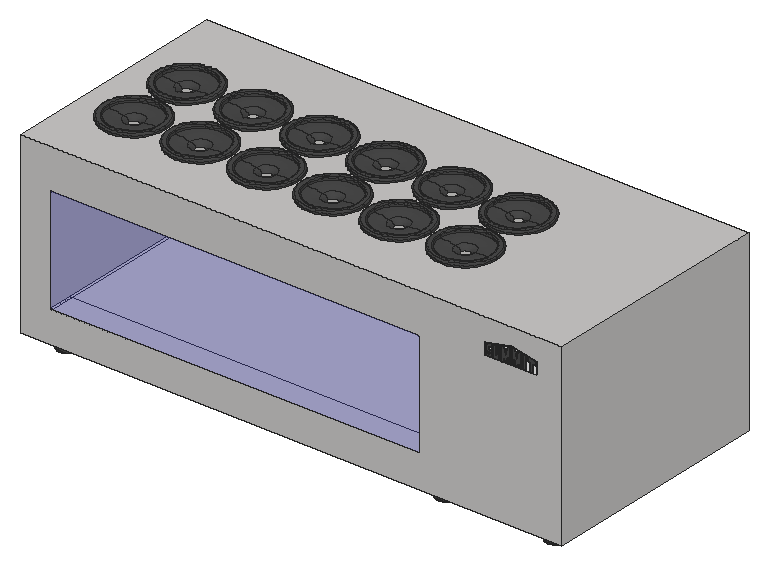
Revit family "Qf_Summit_STC12_12 Bottle Wine Cooler", category Specialty Equipment, Revit 2020
Family settings
  Round Connector Dimension = Use Diameter
  Part Type = Normal
  Work Plane-Based = No
  Always vertical = Yes
  Cut with Voids When Loaded = No
  Shared = No
  Room Calculation Point = No
Parameters
  Weight in Pounds = 73
  Watts = 0 W
  Volts = 115 V
  URL Cutsheet = ""
  Specification by User = ""
  Specification by Manufacturer = ""
  Show Clearance [instance] = yes
  Serial Number = ""
  Seismic Rating = ""
  SMACNA No = ""
  Revision Code = ""
  Refrigerant Volume = 0.00 kip
  Refrigerant Type = "R600a"
  Phase = 1
  Number of Poles = 1
  NAFEM Spec ID Number = ""
  Model = "STC12"
  Min Ckt Ampacity = 0 A
  Max Overcurrent Protection = 0 A
  Masterspec = ""
  Manufacturer = "Summit"
  Length = 35 3/4"
  Item Number = ""
  Installed By = ""
  Identify Quantity as Lot = yes
  Height = 12 1/2"
  HP = ""
  Furnished By = ""
  Foodservice Equipment Identifier = yes
  FL Amps = 1.25 A
  Electrical Remarks = ""
  Electric Connection Type = ""
  Elec Conn RI Height = 0"
  Elec Conn Connection Height = 0"
  Direct Waste Size = 1/16"
  Description = "12 Bottle Wine Cooler"
  Depth = 15 3/8"
  Default Elevation = 0"
  Cycle = 60 Hz
  Conn Plug = ""
  Conn Conduit = yes
  CSI MasterFormat = ""
  Apparent Power = if(Phase = 3, Volts * FL Amps * 1.73, Volts * FL Amps)  # 143.75 VA
Reference planes (in)
  plane 1: z = 0
  plane 2 "LEFT": x = 0
  plane 3 "RIGHT": x = 35.75
  plane 4 "FRONT": y = -16.125
  plane 5 "TOP": z = 12.5
  plane 6 "Center Y": x = 17.875
  plane 7 "Center X": y = -8.4375
  plane 8 "BACK": y = -0.75
  plane 9: z = 0.75
  plane 10: y = -9.0625
  plane 11: y = -9.4375
  plane 12: z = 12.6875
  plane 13: y = -9.0625
  plane 14: y = -9.4375
  plane 15: z = 12.6875
  plane 16: y = -9.0625
  plane 17: y = -9.4375
  plane 18: z = 12.6875
  plane 19: y = -9.0625
  plane 20: y = -9.4375
  plane 21: z = 12.6875
  plane 22: y = -9.0625
  plane 23: y = -9.4375
  plane 24: z = 12.6875
  plane 25: y = -9.0625
  plane 26: y = -9.4375
  plane 27: z = 12.6875
  plane 28: y = -4.6875
  plane 29: y = -5.0625
  plane 30: z = 12.6875
  plane 31: y = -4.6875
  plane 32: y = -5.0625
  plane 33: z = 12.6875
  plane 34: y = -4.6875
  plane 35: y = -5.0625
  plane 36: z = 12.6875
  plane 37: y = -4.6875
  plane 38: y = -5.0625
  plane 39: z = 12.6875
  plane 40: y = -4.6875
  plane 41: y = -5.0625
  plane 42: z = 12.6875
  plane 43: y = -4.6875
  plane 44: y = -5.0625
  plane 45: z = 12.6875
  plane 46: x = 28.75
  plane 47: x = 14
  plane 48: y = -9.0625
  plane 49: y = -9.4375
  plane 50: z = 12.6875
  plane 51: y = -4.6875
  plane 52: y = -5.0625
  plane 53: z = 12.6875
  plane 54: y = -9.0625
  plane 55: y = -9.4375
  plane 56: z = 12.6875
  plane 57: y = -4.6875
  plane 58: y = -5.0625
  plane 59: z = 12.6875
  plane 60: y = -9.0625
  plane 61: y = -9.4375
  plane 62: z = 12.6875
  plane 63: y = -4.6875
  plane 64: y = -5.0625
  plane 65: z = 12.6875
  plane 66: y = -9.0625
  plane 67: y = -9.4375
  plane 68: z = 12.6875
  plane 69: y = -4.6875
  plane 70: y = -5.0625
  plane 71: z = 12.6875
  plane 72: y = -9.0625
  plane 73: y = -9.4375
  plane 74: z = 12.6875
  plane 75: y = -4.6875
  plane 76: y = -5.0625
  plane 77: z = 12.6875
  plane 78: y = -9.0625
  plane 79: y = -9.4375
  plane 80: z = 12.6875
  plane 81: y = -4.6875
  plane 82: y = -5.0625
  plane 83: z = 12.6875
Forms (in)
  Extrusion 1, solid, material "QF_Metal_Stainless_Polished"
    sketch origin (0, 0, 0) x (1, 0, 0) y (0, 1, 0)
      loop
        line (0, -0.75) -> (0, -16.125) -> (35.75, -16.125) -> (35.75, -0.75) -> (0, -0.75)
    from 0.75 to 12.5
  Extrusion 2, void
    sketch origin (0, -0.75, 0) x (1, 0, 0) y (0, 0, 1)
      loop
        arc (2.1, 9.875) -> (2.02929, 9.84571) -> (2, 9.775) r 0.1
        line (2, 9.775) -> (2, 2.975)
        arc (2, 2.975) -> (2.02929, 2.90429) -> (2.1, 2.875) r 0.1
        line (2.1, 2.875) -> (26.2746, 2.875)
        arc (26.2746, 2.875) -> (26.34531, 2.90429) -> (26.3746, 2.975) r 0.1
        line (26.3746, 2.975) -> (26.3746, 9.775)
        arc (26.3746, 9.775) -> (26.34531, 9.84571) -> (26.2746, 9.875) r 0.1
        line (26.2746, 9.875) -> (2.1, 9.875)
    from 1.5567 to 16.02292
  Sweep 3, solid, material "QF_Plastic - Black - Matte"
    path origin (0, 0, 0) x (1, 0, 0) y (0, 1, 0)
      loop
        circle (3.5, -11.125) r 2.0625
    profile origin (3.5, -9.0625, 0) x (0, -1, 0) y (0, 0, 1)
      loop
        line (0.32817, 12.6875) -> (0.07985, 12.6875)
        arc (0.07985, 12.6875) -> (0.02339, 12.66411) -> (0, 12.60765) r 0.07985
        line (0, 12.60765) -> (0, 12.5) -> (0.375, 12.5) -> (0.375, 12.64067)
        arc (0.375, 12.64067) -> (0.36128, 12.67378) -> (0.32817, 12.6875) r 0.04683
  Sweep 4, solid, material "QF_Plastic - Black - Matte"
    path origin (4.375, 0, 0) x (1, 0, 0) y (0, 1, 0)
      loop
        circle (3.5, -11.125) r 2.0625
    profile origin (7.875, -9.0625, 0) x (0, -1, 0) y (0, 0, 1)
      loop
        line (0.32817, 12.6875) -> (0.07985, 12.6875)
        arc (0.07985, 12.6875) -> (0.02339, 12.66411) -> (0, 12.60765) r 0.07985
        line (0, 12.60765) -> (0, 12.5) -> (0.375, 12.5) -> (0.375, 12.64067)
        arc (0.375, 12.64067) -> (0.36128, 12.67378) -> (0.32817, 12.6875) r 0.04683
  Sweep 5, solid, material "QF_Plastic - Black - Matte"
    path origin (8.75, 0, 0) x (1, 0, 0) y (0, 1, 0)
      loop
        circle (3.5, -11.125) r 2.0625
    profile origin (12.25, -9.0625, 0) x (0, -1, 0) y (0, 0, 1)
      loop
        line (0.32817, 12.6875) -> (0.07985, 12.6875)
        arc (0.07985, 12.6875) -> (0.02339, 12.66411) -> (0, 12.60765) r 0.07985
        line (0, 12.60765) -> (0, 12.5) -> (0.375, 12.5) -> (0.375, 12.64067)
        arc (0.375, 12.64067) -> (0.36128, 12.67378) -> (0.32817, 12.6875) r 0.04683
  Sweep 6, solid, material "QF_Plastic - Black - Matte"
    path origin (13.125, 0, 0) x (1, 0, 0) y (0, 1, 0)
      loop
        circle (3.5, -11.125) r 2.0625
    profile origin (16.625, -9.0625, 0) x (0, -1, 0) y (0, 0, 1)
      loop
        line (0.32817, 12.6875) -> (0.07985, 12.6875)
        arc (0.07985, 12.6875) -> (0.02339, 12.66411) -> (0, 12.60765) r 0.07985
        line (0, 12.60765) -> (0, 12.5) -> (0.375, 12.5) -> (0.375, 12.64067)
        arc (0.375, 12.64067) -> (0.36128, 12.67378) -> (0.32817, 12.6875) r 0.04683
  Sweep 7, solid, material "QF_Plastic - Black - Matte"
    path origin (17.5, 0, 0) x (1, 0, 0) y (0, 1, 0)
      loop
        circle (3.5, -11.125) r 2.0625
    profile origin (21, -9.0625, 0) x (0, -1, 0) y (0, 0, 1)
      loop
        line (0.32817, 12.6875) -> (0.07985, 12.6875)
        arc (0.07985, 12.6875) -> (0.02339, 12.66411) -> (0, 12.60765) r 0.07985
        line (0, 12.60765) -> (0, 12.5) -> (0.375, 12.5) -> (0.375, 12.64067)
        arc (0.375, 12.64067) -> (0.36128, 12.67378) -> (0.32817, 12.6875) r 0.04683
  Sweep 8, solid, material "QF_Plastic - Black - Matte"
    path origin (21.875, 0, 0) x (1, 0, 0) y (0, 1, 0)
      loop
        circle (3.5, -11.125) r 2.0625
    profile origin (25.375, -9.0625, 0) x (0, -1, 0) y (0, 0, 1)
      loop
        line (0.32817, 12.6875) -> (0.07985, 12.6875)
        arc (0.07985, 12.6875) -> (0.02339, 12.66411) -> (0, 12.60765) r 0.07985
        line (0, 12.60765) -> (0, 12.5) -> (0.375, 12.5) -> (0.375, 12.64067)
        arc (0.375, 12.64067) -> (0.36128, 12.67378) -> (0.32817, 12.6875) r 0.04683
  Sweep 9, solid, material "QF_Plastic - Black - Matte"
    path origin (0, 4.375, 0) x (1, 0, 0) y (0, 1, 0)
      loop
        circle (3.5, -11.125) r 2.0625
    profile origin (3.5, -4.6875, 0) x (0, -1, 0) y (0, 0, 1)
      loop
        line (0.32817, 12.6875) -> (0.07985, 12.6875)
        arc (0.07985, 12.6875) -> (0.02339, 12.66411) -> (0, 12.60765) r 0.07985
        line (0, 12.60765) -> (0, 12.5) -> (0.375, 12.5) -> (0.375, 12.64067)
        arc (0.375, 12.64067) -> (0.36128, 12.67378) -> (0.32817, 12.6875) r 0.04683
  Sweep 10, solid, material "QF_Plastic - Black - Matte"
    path origin (4.375, 4.375, 0) x (1, 0, 0) y (0, 1, 0)
      loop
        circle (3.5, -11.125) r 2.0625
    profile origin (7.875, -4.6875, 0) x (0, -1, 0) y (0, 0, 1)
      loop
        line (0.32817, 12.6875) -> (0.07985, 12.6875)
        arc (0.07985, 12.6875) -> (0.02339, 12.66411) -> (0, 12.60765) r 0.07985
        line (0, 12.60765) -> (0, 12.5) -> (0.375, 12.5) -> (0.375, 12.64067)
        arc (0.375, 12.64067) -> (0.36128, 12.67378) -> (0.32817, 12.6875) r 0.04683
  Sweep 11, solid, material "QF_Plastic - Black - Matte"
    path origin (8.75, 4.375, 0) x (1, 0, 0) y (0, 1, 0)
      loop
        circle (3.5, -11.125) r 2.0625
    profile origin (12.25, -4.6875, 0) x (0, -1, 0) y (0, 0, 1)
      loop
        line (0.32817, 12.6875) -> (0.07985, 12.6875)
        arc (0.07985, 12.6875) -> (0.02339, 12.66411) -> (0, 12.60765) r 0.07985
        line (0, 12.60765) -> (0, 12.5) -> (0.375, 12.5) -> (0.375, 12.64067)
        arc (0.375, 12.64067) -> (0.36128, 12.67378) -> (0.32817, 12.6875) r 0.04683
  Sweep 12, solid, material "QF_Plastic - Black - Matte"
    path origin (13.125, 4.375, 0) x (1, 0, 0) y (0, 1, 0)
      loop
        circle (3.5, -11.125) r 2.0625
    profile origin (16.625, -4.6875, 0) x (0, -1, 0) y (0, 0, 1)
      loop
        line (0.32817, 12.6875) -> (0.07985, 12.6875)
        arc (0.07985, 12.6875) -> (0.02339, 12.66411) -> (0, 12.60765) r 0.07985
        line (0, 12.60765) -> (0, 12.5) -> (0.375, 12.5) -> (0.375, 12.64067)
        arc (0.375, 12.64067) -> (0.36128, 12.67378) -> (0.32817, 12.6875) r 0.04683
  Sweep 13, solid, material "QF_Plastic - Black - Matte"
    path origin (17.5, 4.375, 0) x (1, 0, 0) y (0, 1, 0)
      loop
        circle (3.5, -11.125) r 2.0625
    profile origin (21, -4.6875, 0) x (0, -1, 0) y (0, 0, 1)
      loop
        line (0.32817, 12.6875) -> (0.07985, 12.6875)
        arc (0.07985, 12.6875) -> (0.02339, 12.66411) -> (0, 12.60765) r 0.07985
        line (0, 12.60765) -> (0, 12.5) -> (0.375, 12.5) -> (0.375, 12.64067)
        arc (0.375, 12.64067) -> (0.36128, 12.67378) -> (0.32817, 12.6875) r 0.04683
  Sweep 14, solid, material "QF_Plastic - Black - Matte"
    path origin (21.875, 4.375, 0) x (1, 0, 0) y (0, 1, 0)
      loop
        circle (3.5, -11.125) r 2.0625
    profile origin (25.375, -4.6875, 0) x (0, -1, 0) y (0, 0, 1)
      loop
        line (0.32817, 12.6875) -> (0.07985, 12.6875)
        arc (0.07985, 12.6875) -> (0.02339, 12.66411) -> (0, 12.60765) r 0.07985
        line (0, 12.60765) -> (0, 12.5) -> (0.375, 12.5) -> (0.375, 12.64067)
        arc (0.375, 12.64067) -> (0.36128, 12.67378) -> (0.32817, 12.6875) r 0.04683
  Extrusion 15, solid, material "Glass"
    sketch origin (35.75, -16.125, 0) x (-1, 0, 0) y (0, 0, -1)
      loop
        arc (33.75, -2.975) -> (33.72071, -2.90429) -> (33.65, -2.875) r 0.1
        line (33.65, -2.875) -> (9.4754, -2.875)
        arc (9.4754, -2.875) -> (9.40469, -2.90429) -> (9.3754, -2.975) r 0.1
        line (9.3754, -2.975) -> (9.3754, -9.775)
        arc (9.3754, -9.775) -> (9.40469, -9.84571) -> (9.4754, -9.875) r 0.1
        line (9.4754, -9.875) -> (33.65, -9.875)
        arc (33.65, -9.875) -> (33.72071, -9.84571) -> (33.75, -9.775) r 0.1
        line (33.75, -9.775) -> (33.75, -2.975)
    from 0 to -1.60321
  Sweep 16, solid, material "QF_Plastic - Black - Matte"
    path origin (0, 0, 0) x (1, 0, 0) y (0, 1, 0)
      loop
        circle (3.5, -11.125) r 2.0625
    profile origin (3.5, -9.0625, 0) x (0, -1, 0) y (0, 0, 1)
      loop
        line (0.375, 12.5) -> (0.375, 12.1865) -> (1.75134, 12.1865)
        arc (1.75134, 12.1865) -> (1.59837, 12.33373) -> (1.40428, 12.41978) r 0.61153
        arc (1.40428, 12.41978) -> (0.89175, 12.48703) -> (0.375, 12.5) r 4.90857
  Extrusion 17, void
    sketch origin (0, 0, 0) x (1, 0, 0) y (0, 1, 0)
      loop
        circle (3.5, -11.125) r 1.75
      loop
        circle (3.5, -6.75) r 1.75
      loop
        circle (7.875, -11.125) r 1.75
      loop
        circle (7.875, -6.75) r 1.75
      loop
        circle (12.25, -11.125) r 1.75
      loop
        circle (12.25, -6.75) r 1.75
      loop
        circle (16.625, -11.125) r 1.75
      loop
        circle (16.625, -6.75) r 1.75
      loop
        circle (21, -11.125) r 1.75
      loop
        circle (21, -6.75) r 1.75
      loop
        circle (25.375, -11.125) r 1.75
      loop
        circle (25.375, -6.75) r 1.75
    from 9.42619 to 13.05642
  Sweep 18, solid, material "QF_Plastic - Black - Matte"
    path origin (0, 4.375, 0) x (1, 0, 0) y (0, 1, 0)
      loop
        circle (3.5, -11.125) r 2.0625
    profile origin (3.5, -4.6875, 0) x (0, -1, 0) y (0, 0, 1)
      loop
        line (0.375, 12.5) -> (0.375, 12.1865) -> (1.75134, 12.1865)
        arc (1.75134, 12.1865) -> (1.59837, 12.33373) -> (1.40428, 12.41978) r 0.61153
        arc (1.40428, 12.41978) -> (0.89175, 12.48703) -> (0.375, 12.5) r 4.90857
  Sweep 19, solid, material "QF_Plastic - Black - Matte"
    path origin (4.375, 0, 0) x (1, 0, 0) y (0, 1, 0)
      loop
        circle (3.5, -11.125) r 2.0625
    profile origin (7.875, -9.0625, 0) x (0, -1, 0) y (0, 0, 1)
      loop
        line (0.375, 12.5) -> (0.375, 12.1865) -> (1.75134, 12.1865)
        arc (1.75134, 12.1865) -> (1.59837, 12.33373) -> (1.40428, 12.41978) r 0.61153
        arc (1.40428, 12.41978) -> (0.89175, 12.48703) -> (0.375, 12.5) r 4.90857
  Sweep 20, solid, material "QF_Plastic - Black - Matte"
    path origin (4.375, 4.375, 0) x (1, 0, 0) y (0, 1, 0)
      loop
        circle (3.5, -11.125) r 2.0625
    profile origin (7.875, -4.6875, 0) x (0, -1, 0) y (0, 0, 1)
      loop
        line (0.375, 12.5) -> (0.375, 12.1865) -> (1.75134, 12.1865)
        arc (1.75134, 12.1865) -> (1.59837, 12.33373) -> (1.40428, 12.41978) r 0.61153
        arc (1.40428, 12.41978) -> (0.89175, 12.48703) -> (0.375, 12.5) r 4.90857
  Sweep 21, solid, material "QF_Plastic - Black - Matte"
    path origin (8.75, 0, 0) x (1, 0, 0) y (0, 1, 0)
      loop
        circle (3.5, -11.125) r 2.0625
    profile origin (12.25, -9.0625, 0) x (0, -1, 0) y (0, 0, 1)
      loop
        line (0.375, 12.5) -> (0.375, 12.1865) -> (1.75134, 12.1865)
        arc (1.75134, 12.1865) -> (1.59837, 12.33373) -> (1.40428, 12.41978) r 0.61153
        arc (1.40428, 12.41978) -> (0.89175, 12.48703) -> (0.375, 12.5) r 4.90857
  Sweep 22, solid, material "QF_Plastic - Black - Matte"
    path origin (8.75, 4.375, 0) x (1, 0, 0) y (0, 1, 0)
      loop
        circle (3.5, -11.125) r 2.0625
    profile origin (12.25, -4.6875, 0) x (0, -1, 0) y (0, 0, 1)
      loop
        line (0.375, 12.5) -> (0.375, 12.1865) -> (1.75134, 12.1865)
        arc (1.75134, 12.1865) -> (1.59837, 12.33373) -> (1.40428, 12.41978) r 0.61153
        arc (1.40428, 12.41978) -> (0.89175, 12.48703) -> (0.375, 12.5) r 4.90857
  Sweep 23, solid, material "QF_Plastic - Black - Matte"
    path origin (13.125, 0, 0) x (1, 0, 0) y (0, 1, 0)
      loop
        circle (3.5, -11.125) r 2.0625
    profile origin (16.625, -9.0625, 0) x (0, -1, 0) y (0, 0, 1)
      loop
        line (0.375, 12.5) -> (0.375, 12.1865) -> (1.75134, 12.1865)
        arc (1.75134, 12.1865) -> (1.59837, 12.33373) -> (1.40428, 12.41978) r 0.61153
        arc (1.40428, 12.41978) -> (0.89175, 12.48703) -> (0.375, 12.5) r 4.90857
  Sweep 24, solid, material "QF_Plastic - Black - Matte"
    path origin (13.125, 4.375, 0) x (1, 0, 0) y (0, 1, 0)
      loop
        circle (3.5, -11.125) r 2.0625
    profile origin (16.625, -4.6875, 0) x (0, -1, 0) y (0, 0, 1)
      loop
        line (0.375, 12.5) -> (0.375, 12.1865) -> (1.75134, 12.1865)
        arc (1.75134, 12.1865) -> (1.59837, 12.33373) -> (1.40428, 12.41978) r 0.61153
        arc (1.40428, 12.41978) -> (0.89175, 12.48703) -> (0.375, 12.5) r 4.90857
  Sweep 25, solid, material "QF_Plastic - Black - Matte"
    path origin (17.5, 0, 0) x (1, 0, 0) y (0, 1, 0)
      loop
        circle (3.5, -11.125) r 2.0625
    profile origin (21, -9.0625, 0) x (0, -1, 0) y (0, 0, 1)
      loop
        line (0.375, 12.5) -> (0.375, 12.1865) -> (1.75134, 12.1865)
        arc (1.75134, 12.1865) -> (1.59837, 12.33373) -> (1.40428, 12.41978) r 0.61153
        arc (1.40428, 12.41978) -> (0.89175, 12.48703) -> (0.375, 12.5) r 4.90857
  Sweep 26, solid, material "QF_Plastic - Black - Matte"
    path origin (17.5, 4.375, 0) x (1, 0, 0) y (0, 1, 0)
      loop
        circle (3.5, -11.125) r 2.0625
    profile origin (21, -4.6875, 0) x (0, -1, 0) y (0, 0, 1)
      loop
        line (0.375, 12.5) -> (0.375, 12.1865) -> (1.75134, 12.1865)
        arc (1.75134, 12.1865) -> (1.59837, 12.33373) -> (1.40428, 12.41978) r 0.61153
        arc (1.40428, 12.41978) -> (0.89175, 12.48703) -> (0.375, 12.5) r 4.90857
  Sweep 27, solid, material "QF_Plastic - Black - Matte"
    path origin (21.875, 0, 0) x (1, 0, 0) y (0, 1, 0)
      loop
        circle (3.5, -11.125) r 2.0625
    profile origin (25.375, -9.0625, 0) x (0, -1, 0) y (0, 0, 1)
      loop
        line (0.375, 12.5) -> (0.375, 12.1865) -> (1.75134, 12.1865)
        arc (1.75134, 12.1865) -> (1.59837, 12.33373) -> (1.40428, 12.41978) r 0.61153
        arc (1.40428, 12.41978) -> (0.89175, 12.48703) -> (0.375, 12.5) r 4.90857
  Sweep 28, solid, material "QF_Plastic - Black - Matte"
    path origin (21.875, 4.375, 0) x (1, 0, 0) y (0, 1, 0)
      loop
        circle (3.5, -11.125) r 2.0625
    profile origin (25.375, -4.6875, 0) x (0, -1, 0) y (0, 0, 1)
      loop
        line (0.375, 12.5) -> (0.375, 12.1865) -> (1.75134, 12.1865)
        arc (1.75134, 12.1865) -> (1.59837, 12.33373) -> (1.40428, 12.41978) r 0.61153
        arc (1.40428, 12.41978) -> (0.89175, 12.48703) -> (0.375, 12.5) r 4.90857
  Revolve 29, solid, material "QF_Plastic - Black - Matte"
    sketch origin (0, -14.75, 0) x (1, 0, 0) y (0, 0, 1)
      loop
        line (2.75, 0.75) -> (2, 0.75) -> (2, 0) -> (2.58164, 0)
        arc (2.58164, 0) -> (2.6144, 0.01223) -> (2.63113, 0.04293) r 0.05
        line (2.63113, 0.04293) -> (2.75, 0.75)
      axis (2, 0) -> (2, 0.75)
    angle from 0 to 360
  Revolve 30, solid, material "QF_Plastic - Black - Matte"
    sketch origin (36.23437, -14.75, 0) x (-1, 0, 0) y (0, 0, 1)
      loop
        line (2.75, 0.75) -> (2, 0.75) -> (2, 0) -> (2.58164, 0)
        arc (2.58164, 0) -> (2.6144, 0.01223) -> (2.63113, 0.04293) r 0.05
        line (2.63113, 0.04293) -> (2.75, 0.75)
      axis (2, 0) -> (2, 0.75)
    angle from 0 to 360
  Revolve 31, solid, material "QF_Plastic - Black - Matte"
    sketch origin (29, -14.75, 0) x (-1, 0, 0) y (0, 0, 1)
      loop
        line (2.75, 0.75) -> (2, 0.75) -> (2, 0) -> (2.58164, 0)
        arc (2.58164, 0) -> (2.6144, 0.01223) -> (2.63113, 0.04293) r 0.05
        line (2.63113, 0.04293) -> (2.75, 0.75)
      axis (2, 0) -> (2, 0.75)
    angle from 0 to 360
  Revolve 32, solid, material "QF_Plastic - Black - Matte"
    sketch origin (0, -2.125, 0) x (1, 0, 0) y (0, 0, -1)
      loop
        line (2.75, -0.75) -> (2.63113, -0.04293)
        arc (2.63113, -0.04293) -> (2.6144, -0.01223) -> (2.58164, 0) r 0.05
        line (2.58164, 0) -> (2, 0) -> (2, -0.75) -> (2.75, -0.75)
      axis (2, 0) -> (2, -0.75)
    angle from 0 to 360
  Revolve 33, solid, material "QF_Plastic - Black - Matte"
    sketch origin (36.23437, -2.125, 0) x (-1, 0, 0) y (0, 0, 1)
      loop
        line (2.75, 0.75) -> (2, 0.75) -> (2, 0) -> (2.58164, 0)
        arc (2.58164, 0) -> (2.6144, 0.01223) -> (2.63113, 0.04293) r 0.05
        line (2.63113, 0.04293) -> (2.75, 0.75)
      axis (2, 0) -> (2, 0.75)
    angle from 0 to 360
  Revolve 34, solid, material "QF_Plastic - Black - Matte"
    sketch origin (29, -2.125, 0) x (-1, 0, 0) y (0, 0, 1)
      loop
        line (2.75, 0.75) -> (2, 0.75) -> (2, 0) -> (2.58164, 0)
        arc (2.58164, 0) -> (2.6144, 0.01223) -> (2.63113, 0.04293) r 0.05
        line (2.63113, 0.04293) -> (2.75, 0.75)
      axis (2, 0) -> (2, 0.75)
    angle from 0 to 360
  Extrusion 35, solid, material "QF_Metal_Stainless_Polished"
    sketch origin (0, -0.75, 0) x (1, 0, 0) y (0, 0, 1)
      loop
        circle (14, 1.75) r 0.21875
      loop
        circle (28.75, 6.25) r 0.25
    from 0 to -0.28631
Cuts and joins
  Extrusion 2, Extrusion 17 cuts Extrusion 1
  joined: Extrusion 1, Extrusion 35
Lines and regions (in)
  Split face 1
    outline origin (0, -16.125, 12.5) x (0, 0, -1) y (1, 0, 0)
      loop
        line (1.5, 10.35) -> (1.5, 18.15)
        arc (1.5, 18.15) -> (1.47071, 18.22071) -> (1.4, 18.25) r 0.1
        line (1.4, 18.25) -> (0.6, 18.25)
        arc (0.6, 18.25) -> (0.52929, 18.22071) -> (0.5, 18.15) r 0.1
        line (0.5, 18.15) -> (0.5, 10.35)
        arc (0.5, 10.35) -> (0.52929, 10.27929) -> (0.6, 10.25) r 0.1
        line (0.6, 10.25) -> (1.4, 10.25)
        arc (1.4, 10.25) -> (1.47071, 10.27929) -> (1.5, 10.35) r 0.1
  Split face 2
    outline origin (0, -16.125, 12.5) x (0, 0, -1) y (1, 0, 0)
      loop
        circle (1, 11.25) r 0.18589
  Split face 3
    outline origin (0, -16.125, 12.5) x (0, 0, -1) y (1, 0, 0)
      loop
        circle (1, 11.25) r 0.17339
  Split face 4
    outline origin (0, -16.125, 12.5) x (0, 0, -1) y (1, 0, 0)
      loop
        line (0.86257, 11.25) -> (1.07649, 11.12649) -> (1.07649, 11.37351) -> (0.86257, 11.25)
  Split face 5
    outline origin (0, -16.125, 12.5) x (0, 0, -1) y (1, 0, 0)
      loop
        circle (1, 12.125) r 0.18589
  Split face 6
    outline origin (0, -16.125, 12.5) x (0, 0, -1) y (1, 0, 0)
      loop
        circle (1, 12.125) r 0.17339
  Split face 7
    outline origin (0, -16.125, 12.5) x (0, 0, -1) y (1, 0, 0)
      loop
        line (1.13743, 12.125) -> (0.92351, 12.24851) -> (0.92351, 12.00149) -> (1.13743, 12.125)
  Split face 8
    outline origin (0, -16.125, 12.5) x (0, 0, -1) y (1, 0, 0)
      loop
        line (0.75, 13.5) -> (1.25, 13.5) -> (1.25, 14.75) -> (0.75, 14.75) -> (0.75, 13.5)
  Split face 9
    outline origin (0, -16.125, 12.5) x (0, 0, -1) y (1, 0, 0)
      loop
        circle (1, 16.125) r 0.1875
  Split face 10
    outline origin (0, -16.125, 12.5) x (0, 0, -1) y (1, 0, 0)
      loop
        circle (1, 16.125) r 0.17708
  Split face 11
    outline origin (0, -16.125, 12.5) x (0, 0, -1) y (1, 0, 0)
      loop
        line (0.8576, 16.14074) -> (1.10886, 16.06869) -> (1.10886, 16.10386) -> (0.8576, 16.17591) -> (0.8576, 16.14074)
  Split face 12
    outline origin (0, -16.125, 12.5) x (0, 0, -1) y (1, 0, 0)
      loop
        circle (1.00809, 17) r 0.1875
  Split face 13
    outline origin (0, -16.125, 12.5) x (0, 0, -1) y (1, 0, 0)
      loop
        circle (1.00809, 17) r 0.17708
  Split face 14
    outline origin (0, -16.125, 12.5) x (0, 0, -1) y (1, 0, 0)
      loop
        line (0.8985, 16.97793) -> (1.10016, 16.97793) -> (1.10016, 17.02202) -> (0.8985, 17.02202) -> (0.8985, 16.97793)
  symbolic lines
    curve 1: line (0, -0.75, 0) -> (0, -16.125, 0)
    curve 2: line (0, -16.125, 0) -> (35.75, -16.125, 0)
    curve 3: line (35.75, -16.125, 0) -> (35.75, -0.75, 0)
    curve 4: line (35.75, -0.75, 0) -> (0, -0.75, 0)
    curve 5: arc (1.4375, -6.75, 0) -> (3.5, -4.6875, 0) -> (5.5625, -6.75, 0) r 2.0625
    curve 6: arc (5.5625, -6.75, 0) -> (3.5, -8.8125, 0) -> (1.4375, -6.75, 0) r 2.0625
    curve 7: line (1.8125, -6.75, 0) -> (5.1875, -6.75, 0)
    curve 8: circle (3.5, -6.75, 0) r 1.6875 normal (0, 0, 1)
    curve 9: line (3.5, -6.75, 0) -> (3.5, -5.0625, 0)
    curve 10: line (3.5, -6.75, 0) -> (4.34375, -5.28858, 0)
    curve 11: line (3.5, -6.75, 0) -> (2.65625, -5.28858, 0)
    curve 12: line (3.5, -6.75, 0) -> (2, -5.97692, 0)
    curve 13: line (3.5, -6.75, 0) -> (5, -5.97692, 0)
    curve 14: line (3.5, -6.75, 0) -> (3.5, -8.4375, 0)
    curve 15: line (3.5, -6.75, 0) -> (4.34375, -8.21142, 0)
    curve 16: line (3.5, -6.75, 0) -> (2.65625, -8.21142, 0)
    curve 17: line (3.5, -6.75, 0) -> (2, -7.52308, 0)
    curve 18: line (3.5, -6.75, 0) -> (5, -7.52308, 0)
    curve 19: arc (1.4375, -11.125, 0) -> (3.5, -9.0625, 0) -> (5.5625, -11.125, 0) r 2.0625
    curve 20: arc (5.5625, -11.125, 0) -> (3.5, -13.1875, 0) -> (1.4375, -11.125, 0) r 2.0625
    curve 21: line (1.8125, -11.125, 0) -> (5.1875, -11.125, 0)
    curve 22: circle (3.5, -11.125, 0) r 1.6875 normal (0, 0, 1)
    curve 23: line (3.5, -11.125, 0) -> (3.5, -9.4375, 0)
    curve 24: line (3.5, -11.125, 0) -> (4.34375, -9.66358, 0)
    curve 25: line (3.5, -11.125, 0) -> (2.65625, -9.66358, 0)
    curve 26: line (3.5, -11.125, 0) -> (2, -10.35192, 0)
    curve 27: line (3.5, -11.125, 0) -> (5, -10.35192, 0)
    curve 28: line (3.5, -11.125, 0) -> (3.5, -12.8125, 0)
    curve 29: line (3.5, -11.125, 0) -> (4.34375, -12.58642, 0)
    curve 30: line (3.5, -11.125, 0) -> (2.65625, -12.58642, 0)
    curve 31: line (3.5, -11.125, 0) -> (2, -11.89808, 0)
    curve 32: line (3.5, -11.125, 0) -> (5, -11.89808, 0)
    curve 33: arc (5.8125, -11.125, 0) -> (7.875, -9.0625, 0) -> (9.9375, -11.125, 0) r 2.0625
    curve 34: arc (9.9375, -11.125, 0) -> (7.875, -13.1875, 0) -> (5.8125, -11.125, 0) r 2.0625
    curve 35: line (6.1875, -11.125, 0) -> (9.5625, -11.125, 0)
    curve 36: circle (7.875, -11.125, 0) r 1.6875 normal (0, 0, 1)
    curve 37: line (7.875, -11.125, 0) -> (7.875, -9.4375, 0)
    curve 38: line (7.875, -11.125, 0) -> (8.71875, -9.66358, 0)
    curve 39: line (7.875, -11.125, 0) -> (7.03125, -9.66358, 0)
    curve 40: line (7.875, -11.125, 0) -> (6.375, -10.35192, 0)
    curve 41: line (7.875, -11.125, 0) -> (9.375, -10.35192, 0)
    curve 42: line (7.875, -11.125, 0) -> (7.875, -12.8125, 0)
    curve 43: line (7.875, -11.125, 0) -> (8.71875, -12.58642, 0)
    curve 44: line (7.875, -11.125, 0) -> (7.03125, -12.58642, 0)
    curve 45: line (7.875, -11.125, 0) -> (6.375, -11.89808, 0)
    curve 46: line (7.875, -11.125, 0) -> (9.375, -11.89808, 0)
    curve 47: arc (5.8125, -6.75, 0) -> (7.875, -4.6875, 0) -> (9.9375, -6.75, 0) r 2.0625
    curve 48: arc (9.9375, -6.75, 0) -> (7.875, -8.8125, 0) -> (5.8125, -6.75, 0) r 2.0625
    curve 49: line (6.1875, -6.75, 0) -> (9.5625, -6.75, 0)
    curve 50: circle (7.875, -6.75, 0) r 1.6875 normal (0, 0, 1)
    curve 51: line (7.875, -6.75, 0) -> (7.875, -5.0625, 0)
    curve 52: line (7.875, -6.75, 0) -> (8.71875, -5.28858, 0)
    curve 53: line (7.875, -6.75, 0) -> (7.03125, -5.28858, 0)
    curve 54: line (7.875, -6.75, 0) -> (6.375, -5.97692, 0)
    curve 55: line (7.875, -6.75, 0) -> (9.375, -5.97692, 0)
    curve 56: line (7.875, -6.75, 0) -> (7.875, -8.4375, 0)
    curve 57: line (7.875, -6.75, 0) -> (8.71875, -8.21142, 0)
    curve 58: line (7.875, -6.75, 0) -> (7.03125, -8.21142, 0)
    curve 59: line (7.875, -6.75, 0) -> (6.375, -7.52308, 0)
    curve 60: line (7.875, -6.75, 0) -> (9.375, -7.52308, 0)
    curve 61: arc (10.1875, -6.75, 0) -> (12.25, -4.6875, 0) -> (14.3125, -6.75, 0) r 2.0625
    curve 62: arc (14.3125, -6.75, 0) -> (12.25, -8.8125, 0) -> (10.1875, -6.75, 0) r 2.0625
    curve 63: line (10.5625, -6.75, 0) -> (13.9375, -6.75, 0)
    curve 64: circle (12.25, -6.75, 0) r 1.6875 normal (0, 0, 1)
    curve 65: line (12.25, -6.75, 0) -> (12.25, -5.0625, 0)
    curve 66: line (12.25, -6.75, 0) -> (13.09375, -5.28858, 0)
    curve 67: line (12.25, -6.75, 0) -> (11.40625, -5.28858, 0)
    curve 68: line (12.25, -6.75, 0) -> (10.75, -5.97692, 0)
    curve 69: line (12.25, -6.75, 0) -> (13.75, -5.97692, 0)
    curve 70: line (12.25, -6.75, 0) -> (12.25, -8.4375, 0)
    curve 71: line (12.25, -6.75, 0) -> (13.09375, -8.21142, 0)
    curve 72: line (12.25, -6.75, 0) -> (11.40625, -8.21142, 0)
    curve 73: line (12.25, -6.75, 0) -> (10.75, -7.52308, 0)
    curve 74: line (12.25, -6.75, 0) -> (13.75, -7.52308, 0)
    curve 75: arc (10.1875, -11.125, 0) -> (12.25, -9.0625, 0) -> (14.3125, -11.125, 0) r 2.0625
    curve 76: arc (14.3125, -11.125, 0) -> (12.25, -13.1875, 0) -> (10.1875, -11.125, 0) r 2.0625
    curve 77: line (10.5625, -11.125, 0) -> (13.9375, -11.125, 0)
    curve 78: circle (12.25, -11.125, 0) r 1.6875 normal (0, 0, 1)
    curve 79: line (12.25, -11.125, 0) -> (12.25, -9.4375, 0)
    curve 80: line (12.25, -11.125, 0) -> (13.09375, -9.66358, 0)
    curve 81: line (12.25, -11.125, 0) -> (11.40625, -9.66358, 0)
    curve 82: line (12.25, -11.125, 0) -> (10.75, -10.35192, 0)
    curve 83: line (12.25, -11.125, 0) -> (13.75, -10.35192, 0)
    curve 84: line (12.25, -11.125, 0) -> (12.25, -12.8125, 0)
    curve 85: line (12.25, -11.125, 0) -> (13.09375, -12.58642, 0)
    curve 86: line (12.25, -11.125, 0) -> (11.40625, -12.58642, 0)
    curve 87: line (12.25, -11.125, 0) -> (10.75, -11.89808, 0)
    curve 88: line (12.25, -11.125, 0) -> (13.75, -11.89808, 0)
    curve 89: arc (14.5625, -11.125, 0) -> (16.625, -9.0625, 0) -> (18.6875, -11.125, 0) r 2.0625
    curve 90: arc (18.6875, -11.125, 0) -> (16.625, -13.1875, 0) -> (14.5625, -11.125, 0) r 2.0625
    curve 91: line (14.9375, -11.125, 0) -> (18.3125, -11.125, 0)
    curve 92: circle (16.625, -11.125, 0) r 1.6875 normal (0, 0, 1)
    curve 93: line (16.625, -11.125, 0) -> (16.625, -9.4375, 0)
    curve 94: line (16.625, -11.125, 0) -> (17.46875, -9.66358, 0)
    curve 95: line (16.625, -11.125, 0) -> (15.78125, -9.66358, 0)
    curve 96: line (16.625, -11.125, 0) -> (15.125, -10.35192, 0)
    curve 97: line (16.625, -11.125, 0) -> (18.125, -10.35192, 0)
    curve 98: line (16.625, -11.125, 0) -> (16.625, -12.8125, 0)
    curve 99: line (16.625, -11.125, 0) -> (17.46875, -12.58642, 0)
    curve 100: line (16.625, -11.125, 0) -> (15.78125, -12.58642, 0)
    curve 101: line (16.625, -11.125, 0) -> (15.125, -11.89808, 0)
    curve 102: line (16.625, -11.125, 0) -> (18.125, -11.89808, 0)
    curve 103: arc (14.5625, -6.75, 0) -> (16.625, -4.6875, 0) -> (18.6875, -6.75, 0) r 2.0625
    curve 104: arc (18.6875, -6.75, 0) -> (16.625, -8.8125, 0) -> (14.5625, -6.75, 0) r 2.0625
    curve 105: line (14.9375, -6.75, 0) -> (18.3125, -6.75, 0)
    curve 106: circle (16.625, -6.75, 0) r 1.6875 normal (0, 0, 1)
    curve 107: line (16.625, -6.75, 0) -> (16.625, -5.0625, 0)
    curve 108: line (16.625, -6.75, 0) -> (17.46875, -5.28858, 0)
    curve 109: line (16.625, -6.75, 0) -> (15.78125, -5.28858, 0)
    curve 110: line (16.625, -6.75, 0) -> (15.125, -5.97692, 0)
    curve 111: line (16.625, -6.75, 0) -> (18.125, -5.97692, 0)
    curve 112: line (16.625, -6.75, 0) -> (16.625, -8.4375, 0)
    curve 113: line (16.625, -6.75, 0) -> (17.46875, -8.21142, 0)
    curve 114: line (16.625, -6.75, 0) -> (15.78125, -8.21142, 0)
    curve 115: line (16.625, -6.75, 0) -> (15.125, -7.52308, 0)
    curve 116: line (16.625, -6.75, 0) -> (18.125, -7.52308, 0)
    curve 117: arc (18.9375, -6.75, 0) -> (21, -4.6875, 0) -> (23.0625, -6.75, 0) r 2.0625
    curve 118: arc (23.0625, -6.75, 0) -> (21, -8.8125, 0) -> (18.9375, -6.75, 0) r 2.0625
    curve 119: line (19.3125, -6.75, 0) -> (22.6875, -6.75, 0)
    curve 120: circle (21, -6.75, 0) r 1.6875 normal (0, 0, 1)
    curve 121: line (21, -6.75, 0) -> (21, -5.0625, 0)
    curve 122: line (21, -6.75, 0) -> (21.84375, -5.28858, 0)
    curve 123: line (21, -6.75, 0) -> (20.15625, -5.28858, 0)
    curve 124: line (21, -6.75, 0) -> (19.5, -5.97692, 0)
    curve 125: line (21, -6.75, 0) -> (22.5, -5.97692, 0)
    curve 126: line (21, -6.75, 0) -> (21, -8.4375, 0)
    curve 127: line (21, -6.75, 0) -> (21.84375, -8.21142, 0)
    curve 128: line (21, -6.75, 0) -> (20.15625, -8.21142, 0)
    curve 129: line (21, -6.75, 0) -> (19.5, -7.52308, 0)
    curve 130: line (21, -6.75, 0) -> (22.5, -7.52308, 0)
    curve 131: arc (18.9375, -11.125, 0) -> (21, -9.0625, 0) -> (23.0625, -11.125, 0) r 2.0625
    curve 132: arc (23.0625, -11.125, 0) -> (21, -13.1875, 0) -> (18.9375, -11.125, 0) r 2.0625
    curve 133: line (19.3125, -11.125, 0) -> (22.6875, -11.125, 0)
    curve 134: circle (21, -11.125, 0) r 1.6875 normal (0, 0, 1)
    curve 135: line (21, -11.125, 0) -> (21, -9.4375, 0)
    curve 136: line (21, -11.125, 0) -> (21.84375, -9.66358, 0)
    curve 137: line (21, -11.125, 0) -> (20.15625, -9.66358, 0)
    curve 138: line (21, -11.125, 0) -> (19.5, -10.35192, 0)
    curve 139: line (21, -11.125, 0) -> (22.5, -10.35192, 0)
    curve 140: line (21, -11.125, 0) -> (21, -12.8125, 0)
    curve 141: line (21, -11.125, 0) -> (21.84375, -12.58642, 0)
    curve 142: line (21, -11.125, 0) -> (20.15625, -12.58642, 0)
    curve 143: line (21, -11.125, 0) -> (19.5, -11.89808, 0)
    curve 144: line (21, -11.125, 0) -> (22.5, -11.89808, 0)
    curve 145: arc (23.3125, -11.125, 0) -> (25.375, -9.0625, 0) -> (27.4375, -11.125, 0) r 2.0625
    curve 146: arc (27.4375, -11.125, 0) -> (25.375, -13.1875, 0) -> (23.3125, -11.125, 0) r 2.0625
    curve 147: line (23.6875, -11.125, 0) -> (27.0625, -11.125, 0)
    curve 148: circle (25.375, -11.125, 0) r 1.6875 normal (0, 0, 1)
    curve 149: line (25.375, -11.125, 0) -> (25.375, -9.4375, 0)
    curve 150: line (25.375, -11.125, 0) -> (26.21875, -9.66358, 0)
    curve 151: line (25.375, -11.125, 0) -> (24.53125, -9.66358, 0)
    curve 152: line (25.375, -11.125, 0) -> (23.875, -10.35192, 0)
    curve 153: line (25.375, -11.125, 0) -> (26.875, -10.35192, 0)
    curve 154: line (25.375, -11.125, 0) -> (25.375, -12.8125, 0)
    curve 155: line (25.375, -11.125, 0) -> (26.21875, -12.58642, 0)
    curve 156: line (25.375, -11.125, 0) -> (24.53125, -12.58642, 0)
    curve 157: line (25.375, -11.125, 0) -> (23.875, -11.89808, 0)
    curve 158: line (25.375, -11.125, 0) -> (26.875, -11.89808, 0)
    curve 159: arc (23.3125, -6.75, 0) -> (25.375, -4.6875, 0) -> (27.4375, -6.75, 0) r 2.0625
    curve 160: arc (27.4375, -6.75, 0) -> (25.375, -8.8125, 0) -> (23.3125, -6.75, 0) r 2.0625
    curve 161: line (23.6875, -6.75, 0) -> (27.0625, -6.75, 0)
    curve 162: circle (25.375, -6.75, 0) r 1.6875 normal (0, 0, 1)
    curve 163: line (25.375, -6.75, 0) -> (25.375, -5.0625, 0)
    curve 164: line (25.375, -6.75, 0) -> (26.21875, -5.28858, 0)
    curve 165: line (25.375, -6.75, 0) -> (24.53125, -5.28858, 0)
    curve 166: line (25.375, -6.75, 0) -> (23.875, -5.97692, 0)
    curve 167: line (25.375, -6.75, 0) -> (26.875, -5.97692, 0)
    curve 168: line (25.375, -6.75, 0) -> (25.375, -8.4375, 0)
    curve 169: line (25.375, -6.75, 0) -> (26.21875, -8.21142, 0)
    curve 170: line (25.375, -6.75, 0) -> (24.53125, -8.21142, 0)
    curve 171: line (25.375, -6.75, 0) -> (23.875, -7.52308, 0)
    curve 172: line (25.375, -6.75, 0) -> (26.875, -7.52308, 0)
Dimensions and locks (in)
  equal spacing: plane 2 "LEFT", plane 6 "Center Y", plane 3 "RIGHT"
  "Length": plane 2 "LEFT" to plane 3 "RIGHT"
  equal spacing: plane 4 "FRONT", plane 7 "Center X", plane 8 "BACK"
  "Height": plane 5 "TOP" to level
  plane 3 "RIGHT" to plane 2 "LEFT" = 35 3/4"
  plane 5 "TOP" to level = 12 1/2"  (x2)
  "Depth": plane 4 "FRONT" to plane 8 "BACK"
  plane 9 to level = 3/4"
  plane 46 to plane 3 "RIGHT" = 7"
  plane 2 "LEFT" to plane 47 = 14"
  plane 3 "RIGHT" to plane 46 = 7"
  plane 47 to plane 2 "LEFT" = 14"
  aligned and locked: level to plane 1
  aligned and locked: plane 9 to cut or joined group of Extrusion 1, Extrusion 2, Extrusion 17, Extrusion 35
  aligned and locked: plane 5 "TOP" to cut or joined group of Extrusion 1, Extrusion 2, Extrusion 17, Extrusion 35
Automatic sketch dimensions
  Extrusion 1 sketch curve to plane 2 "LEFT" = 0"
  Extrusion 1 sketch curve to plane 3 "RIGHT" = 0"
  plane 4 "FRONT" to Extrusion 1 sketch curve = 0"
  plane 8 "BACK" to Extrusion 1 sketch curve = 0"
  Sweep 3 sketch curve to profile plane = 0"
  plane 12 to Sweep 3 sketch curve = 0"
  Sweep 3 sketch curve to plane 11 = 0"
  Sweep 3 sketch curve to profile plane = 0.07985"
  Sweep 3 sketch curve to plane 11 = 0.04683"
  Sweep 3 sketch curve to Sweep 3 sketch curve = 0.14067"
  Sweep 4 sketch curve to plane 7 "Center X" = 2 11/16"
  Sweep 4 sketch curve to profile plane = 0"
  plane 15 to Sweep 4 sketch curve = 0"
  Sweep 4 sketch curve to plane 14 = 0"
  Sweep 4 sketch curve to profile plane = 0.07985"
  Sweep 4 sketch curve to plane 14 = 0.04683"
  Sweep 4 sketch curve to Sweep 4 sketch curve = 0.14067"
  Sweep 5 sketch curve to plane 47 = 1 3/4"
  Sweep 5 sketch curve to plane 7 "Center X" = 2 11/16"
  Sweep 5 sketch curve to profile plane = 0"
  plane 18 to Sweep 5 sketch curve = 0"
  Sweep 5 sketch curve to plane 17 = 0"
  Sweep 5 sketch curve to profile plane = 0.07985"
  Sweep 5 sketch curve to plane 17 = 0.04683"
  Sweep 5 sketch curve to Sweep 5 sketch curve = 0.14067"
  Sweep 6 sketch curve to plane 6 "Center Y" = 1 1/4"
  Sweep 6 sketch curve to plane 7 "Center X" = 2 11/16"
  Sweep 6 sketch curve to profile plane = 0"
  plane 21 to Sweep 6 sketch curve = 0"
  Sweep 6 sketch curve to plane 20 = 0"
  Sweep 6 sketch curve to profile plane = 0.07985"
  Sweep 6 sketch curve to plane 20 = 0.04683"
  Sweep 6 sketch curve to Sweep 6 sketch curve = 0.14067"
  plane 6 "Center Y" to Sweep 7 sketch curve = 3 1/8"
  Sweep 7 sketch curve to plane 7 "Center X" = 2 11/16"
  Sweep 7 sketch curve to profile plane = 0"
  plane 24 to Sweep 7 sketch curve = 0"
  Sweep 7 sketch curve to plane 23 = 0"
  Sweep 7 sketch curve to profile plane = 0.07985"
  Sweep 7 sketch curve to plane 23 = 0.04683"
  Sweep 7 sketch curve to Sweep 7 sketch curve = 0.14067"
  Sweep 8 sketch curve to plane 46 = 3 3/8"
  Sweep 8 sketch curve to plane 7 "Center X" = 2 11/16"
  Sweep 8 sketch curve to profile plane = 0"
  plane 27 to Sweep 8 sketch curve = 0"
  Sweep 8 sketch curve to plane 26 = 0"
  Sweep 8 sketch curve to profile plane = 0.07985"
  Sweep 8 sketch curve to plane 26 = 0.04683"
  Sweep 8 sketch curve to Sweep 8 sketch curve = 0.14067"
  plane 7 "Center X" to Sweep 9 sketch curve = 1 11/16"
  Sweep 9 sketch curve to profile plane = 0"
  plane 30 to Sweep 9 sketch curve = 0"
  Sweep 9 sketch curve to plane 29 = 0"
  Sweep 9 sketch curve to profile plane = 0.07985"
  Sweep 9 sketch curve to plane 29 = 0.04683"
  Sweep 9 sketch curve to Sweep 9 sketch curve = 0.14067"
  plane 7 "Center X" to Sweep 10 sketch curve = 1 11/16"
  Sweep 10 sketch curve to profile plane = 0"
  plane 33 to Sweep 10 sketch curve = 0"
  Sweep 10 sketch curve to plane 32 = 0"
  Sweep 10 sketch curve to profile plane = 0.07985"
  Sweep 10 sketch curve to plane 32 = 0.04683"
  Sweep 10 sketch curve to Sweep 10 sketch curve = 0.14067"
  Sweep 11 sketch curve to plane 47 = 1 3/4"
  plane 7 "Center X" to Sweep 11 sketch curve = 1 11/16"
  Sweep 11 sketch curve to profile plane = 0"
  plane 36 to Sweep 11 sketch curve = 0"
  Sweep 11 sketch curve to plane 35 = 0"
  Sweep 11 sketch curve to profile plane = 0.07985"
  Sweep 11 sketch curve to plane 35 = 0.04683"
  Sweep 11 sketch curve to Sweep 11 sketch curve = 0.14067"
  Sweep 12 sketch curve to plane 6 "Center Y" = 1 1/4"
  plane 7 "Center X" to Sweep 12 sketch curve = 1 11/16"
  Sweep 12 sketch curve to profile plane = 0"
  plane 39 to Sweep 12 sketch curve = 0"
  Sweep 12 sketch curve to plane 38 = 0"
  Sweep 12 sketch curve to profile plane = 0.07985"
  Sweep 12 sketch curve to plane 38 = 0.04683"
  Sweep 12 sketch curve to Sweep 12 sketch curve = 0.14067"
  plane 6 "Center Y" to Sweep 13 sketch curve = 3 1/8"
  plane 7 "Center X" to Sweep 13 sketch curve = 1 11/16"
  Sweep 13 sketch curve to profile plane = 0"
  plane 42 to Sweep 13 sketch curve = 0"
  Sweep 13 sketch curve to plane 41 = 0"
  Sweep 13 sketch curve to profile plane = 0.07985"
  Sweep 13 sketch curve to plane 41 = 0.04683"
  Sweep 13 sketch curve to Sweep 13 sketch curve = 0.14067"
  plane 7 "Center X" to Sweep 14 sketch curve = 1 11/16"
  Sweep 14 sketch curve to plane 46 = 3 3/8"
  Sweep 14 sketch curve to profile plane = 0"
  plane 45 to Sweep 14 sketch curve = 0"
  Sweep 14 sketch curve to plane 44 = 0"
  Sweep 14 sketch curve to profile plane = 0.07985"
  Sweep 14 sketch curve to plane 44 = 0.04683"
  Sweep 14 sketch curve to Sweep 14 sketch curve = 0.14067"
  Sweep 16 sketch curve to plane 7 "Center X" = 2 11/16"
  Sweep 16 sketch curve to plane 49 = 0"
  plane 49 to Sweep 16 sketch curve = 0.13535"
  plane 49 to Sweep 16 sketch curve = 0.88223"
  Sweep 16 sketch curve to Sweep 16 sketch curve = 0.49411"
  plane 50 to Sweep 16 sketch curve = 5.0942"
  plane 50 to Sweep 16 sketch curve = 0.8613"
  plane 50 to Sweep 16 sketch curve = 0.501"
  Sweep 16 sketch curve to Sweep 16 sketch curve = 0.3135"
  Extrusion 17 sketch curve to plane 47 = 1 3/4"  (x2)
  Extrusion 17 sketch curve to plane 6 "Center Y" = 1 1/4"  (x2)
  plane 6 "Center Y" to Extrusion 17 sketch curve = 3 1/8"  (x2)
  plane 7 "Center X" to Extrusion 17 sketch curve = 1 11/16"  (x6)
  Extrusion 17 sketch curve to plane 46 = 3 3/8"  (x2)
  Extrusion 17 sketch curve to plane 7 "Center X" = 2 11/16"  (x6)
  plane 7 "Center X" to Sweep 18 sketch curve = 1 11/16"
  Sweep 18 sketch curve to plane 52 = 0"
  plane 52 to Sweep 18 sketch curve = 0.13535"
  plane 52 to Sweep 18 sketch curve = 0.88223"
  Sweep 18 sketch curve to Sweep 18 sketch curve = 0.49411"
  plane 53 to Sweep 18 sketch curve = 5.0942"
  plane 53 to Sweep 18 sketch curve = 0.8613"
  plane 53 to Sweep 18 sketch curve = 0.501"
  Sweep 18 sketch curve to Sweep 18 sketch curve = 0.3135"
  Sweep 19 sketch curve to plane 7 "Center X" = 2 11/16"
  Sweep 19 sketch curve to plane 55 = 0"
  plane 55 to Sweep 19 sketch curve = 0.13535"
  plane 55 to Sweep 19 sketch curve = 0.88223"
  Sweep 19 sketch curve to Sweep 19 sketch curve = 0.49411"
  plane 56 to Sweep 19 sketch curve = 5.0942"
  plane 56 to Sweep 19 sketch curve = 0.8613"
  plane 56 to Sweep 19 sketch curve = 0.501"
  Sweep 19 sketch curve to Sweep 19 sketch curve = 0.3135"
  plane 7 "Center X" to Sweep 20 sketch curve = 1 11/16"
  Sweep 20 sketch curve to plane 58 = 0"
  plane 58 to Sweep 20 sketch curve = 0.13535"
  plane 58 to Sweep 20 sketch curve = 0.88223"
  Sweep 20 sketch curve to Sweep 20 sketch curve = 0.49411"
  plane 59 to Sweep 20 sketch curve = 5.0942"
  plane 59 to Sweep 20 sketch curve = 0.8613"
  plane 59 to Sweep 20 sketch curve = 0.501"
  Sweep 20 sketch curve to Sweep 20 sketch curve = 0.3135"
  Sweep 21 sketch curve to plane 47 = 1 3/4"
  Sweep 21 sketch curve to plane 7 "Center X" = 2 11/16"
  Sweep 21 sketch curve to plane 61 = 0"
  plane 61 to Sweep 21 sketch curve = 0.13535"
  plane 61 to Sweep 21 sketch curve = 0.88223"
  Sweep 21 sketch curve to Sweep 21 sketch curve = 0.49411"
  plane 62 to Sweep 21 sketch curve = 5.0942"
  plane 62 to Sweep 21 sketch curve = 0.8613"
  plane 62 to Sweep 21 sketch curve = 0.501"
  Sweep 21 sketch curve to Sweep 21 sketch curve = 0.3135"
  Sweep 22 sketch curve to plane 47 = 1 3/4"
  plane 7 "Center X" to Sweep 22 sketch curve = 1 11/16"
  Sweep 22 sketch curve to plane 64 = 0"
  plane 64 to Sweep 22 sketch curve = 0.13535"
  plane 64 to Sweep 22 sketch curve = 0.88223"
  Sweep 22 sketch curve to Sweep 22 sketch curve = 0.49411"
  plane 65 to Sweep 22 sketch curve = 5.0942"
  plane 65 to Sweep 22 sketch curve = 0.8613"
  plane 65 to Sweep 22 sketch curve = 0.501"
  Sweep 22 sketch curve to Sweep 22 sketch curve = 0.3135"
  Sweep 23 sketch curve to plane 6 "Center Y" = 1 1/4"
  Sweep 23 sketch curve to plane 7 "Center X" = 2 11/16"
  Sweep 23 sketch curve to plane 67 = 0"
  plane 67 to Sweep 23 sketch curve = 0.13535"
  plane 67 to Sweep 23 sketch curve = 0.88223"
  Sweep 23 sketch curve to Sweep 23 sketch curve = 0.49411"
  plane 68 to Sweep 23 sketch curve = 5.0942"
  plane 68 to Sweep 23 sketch curve = 0.8613"
  plane 68 to Sweep 23 sketch curve = 0.501"
  Sweep 23 sketch curve to Sweep 23 sketch curve = 0.3135"
  Sweep 24 sketch curve to plane 6 "Center Y" = 1 1/4"
  plane 7 "Center X" to Sweep 24 sketch curve = 1 11/16"
  Sweep 24 sketch curve to plane 70 = 0"
  plane 70 to Sweep 24 sketch curve = 0.13535"
  plane 70 to Sweep 24 sketch curve = 0.88223"
  Sweep 24 sketch curve to Sweep 24 sketch curve = 0.49411"
  plane 71 to Sweep 24 sketch curve = 5.0942"
  plane 71 to Sweep 24 sketch curve = 0.8613"
  plane 71 to Sweep 24 sketch curve = 0.501"
  Sweep 24 sketch curve to Sweep 24 sketch curve = 0.3135"
  plane 6 "Center Y" to Sweep 25 sketch curve = 3 1/8"
  Sweep 25 sketch curve to plane 7 "Center X" = 2 11/16"
  Sweep 25 sketch curve to plane 73 = 0"
  plane 73 to Sweep 25 sketch curve = 0.13535"
  plane 73 to Sweep 25 sketch curve = 0.88223"
  Sweep 25 sketch curve to Sweep 25 sketch curve = 0.49411"
  plane 74 to Sweep 25 sketch curve = 5.0942"
  plane 74 to Sweep 25 sketch curve = 0.8613"
  plane 74 to Sweep 25 sketch curve = 0.501"
  Sweep 25 sketch curve to Sweep 25 sketch curve = 0.3135"
  plane 6 "Center Y" to Sweep 26 sketch curve = 3 1/8"
  plane 7 "Center X" to Sweep 26 sketch curve = 1 11/16"
  Sweep 26 sketch curve to plane 76 = 0"
  plane 76 to Sweep 26 sketch curve = 0.13535"
  plane 76 to Sweep 26 sketch curve = 0.88223"
  Sweep 26 sketch curve to Sweep 26 sketch curve = 0.49411"
  plane 77 to Sweep 26 sketch curve = 5.0942"
  plane 77 to Sweep 26 sketch curve = 0.8613"
  plane 77 to Sweep 26 sketch curve = 0.501"
  Sweep 26 sketch curve to Sweep 26 sketch curve = 0.3135"
  Sweep 27 sketch curve to plane 46 = 3 3/8"
  Sweep 27 sketch curve to plane 7 "Center X" = 2 11/16"
  Sweep 27 sketch curve to plane 79 = 0"
  plane 79 to Sweep 27 sketch curve = 0.13535"
  plane 79 to Sweep 27 sketch curve = 0.88223"
  Sweep 27 sketch curve to Sweep 27 sketch curve = 0.49411"
  plane 80 to Sweep 27 sketch curve = 5.0942"
  plane 80 to Sweep 27 sketch curve = 0.8613"
  plane 80 to Sweep 27 sketch curve = 0.501"
  Sweep 27 sketch curve to Sweep 27 sketch curve = 0.3135"
  plane 7 "Center X" to Sweep 28 sketch curve = 1 11/16"
  Sweep 28 sketch curve to plane 46 = 3 3/8"
  Sweep 28 sketch curve to plane 82 = 0"
  plane 82 to Sweep 28 sketch curve = 0.13535"
  plane 82 to Sweep 28 sketch curve = 0.88223"
  Sweep 28 sketch curve to Sweep 28 sketch curve = 0.49411"
  plane 83 to Sweep 28 sketch curve = 5.0942"
  plane 83 to Sweep 28 sketch curve = 0.8613"
  plane 83 to Sweep 28 sketch curve = 0.501"
  Sweep 28 sketch curve to Sweep 28 sketch curve = 0.3135"
  Sweep 4 sketch curve to plane 47 = 6 1/8"
  plane 2 "LEFT" to Sweep 9 sketch curve = 3 1/2"
  Sweep 10 sketch curve to plane 47 = 6 1/8"
  plane 2 "LEFT" to Sweep 16 sketch curve = 3 1/2"
  Extrusion 17 sketch curve to Extrusion 17 sketch curve = 4 3/8"  (x2)
  plane 2 "LEFT" to Extrusion 17 sketch curve = 3 1/2"  (x2)
  plane 2 "LEFT" to Sweep 18 sketch curve = 3 1/2"
  Sweep 19 sketch curve to plane 47 = 6 1/8"
  Sweep 20 sketch curve to plane 47 = 6 1/8"
  curve 5 to curve 6 = 0"  (x2)
  curve 5 to curve 8 = 0"  (x2)
  curve 6 to curve 8 = 0"  (x2)
  curve 19 to curve 20 = 0"  (x2)
  curve 19 to curve 22 = 0"  (x2)
  curve 20 to curve 22 = 0"  (x2)
  curve 33 to curve 34 = 0"  (x2)
  curve 33 to curve 36 = 0"  (x2)
  curve 34 to curve 36 = 0"  (x2)
  curve 47 to curve 48 = 0"  (x2)
  curve 47 to curve 50 = 0"  (x2)
  curve 48 to curve 50 = 0"  (x2)
  curve 61 to curve 62 = 0"  (x2)
  curve 61 to curve 64 = 0"  (x2)
  curve 62 to curve 64 = 0"  (x2)
  curve 75 to curve 76 = 0"  (x2)
  curve 75 to curve 78 = 0"  (x2)
  curve 76 to curve 78 = 0"  (x2)
  curve 89 to curve 90 = 0"  (x2)
  curve 89 to curve 92 = 0"  (x2)
  curve 90 to curve 92 = 0"  (x2)
  curve 103 to curve 104 = 0"  (x2)
  curve 103 to curve 106 = 0"  (x2)
  curve 104 to curve 106 = 0"  (x2)
  curve 117 to curve 118 = 0"  (x2)
  curve 117 to curve 120 = 0"  (x2)
  curve 118 to curve 120 = 0"  (x2)
  curve 131 to curve 132 = 0"  (x2)
  curve 131 to curve 134 = 0"  (x2)
  curve 132 to curve 134 = 0"  (x2)
  curve 145 to curve 146 = 0"  (x2)
  curve 145 to curve 148 = 0"  (x2)
  curve 146 to curve 148 = 0"  (x2)
  curve 159 to curve 160 = 0"  (x2)
  curve 159 to curve 162 = 0"  (x2)
  curve 160 to curve 162 = 0"  (x2)
  curve 1 to plane 2 "LEFT" = 0"
  curve 14 to plane 7 "Center X" = 0"
  curve 56 to plane 7 "Center X" = 0"
  curve 70 to plane 7 "Center X" = 0"
  curve 112 to plane 7 "Center X" = 0"
  curve 126 to plane 7 "Center X" = 0"
  curve 168 to plane 7 "Center X" = 0"
  curve 3 to plane 3 "RIGHT" = 0"
  plane 4 "FRONT" to curve 1 = 0"
  plane 8 "BACK" to curve 3 = 0"
  plane 7 "Center X" to curve 10 = 1 11/16"
  plane 2 "LEFT" to curve 10 = 3 1/2"
  plane 2 "LEFT" to curve 28 = 3 1/2"
  curve 8 to curve 9 = 0"
  curve 27 to curve 28 = 0"
  curve 14 to curve 5 = 0"
  curve 19 to curve 23 = 0"
  curve 38 to plane 7 "Center X" = 2 11/16"
  curve 22 to curve 38 = 4 3/8"
  plane 7 "Center X" to curve 60 = 1 11/16"
  curve 60 to curve 37 = 0"
  curve 36 to curve 37 = 0"
  curve 42 to curve 33 = 0"
  curve 47 to curve 56 = 0"
  curve 55 to curve 47 = 0"
  curve 66 to plane 47 = 1 3/4"
  curve 84 to plane 47 = 1 3/4"
  curve 64 to curve 65 = 0"  (x2)
  curve 83 to curve 84 = 0"
  curve 70 to curve 61 = 0"
  curve 75 to curve 79 = 0"
  curve 94 to plane 6 "Center Y" = 1 1/4"
  curve 112 to plane 6 "Center Y" = 1 1/4"
  curve 89 to curve 93 = 0"
  curve 98 to curve 89 = 0"
  curve 110 to curve 112 = 0"
  curve 103 to curve 107 = 0"
  plane 6 "Center Y" to curve 122 = 3 1/8"
  plane 6 "Center Y" to curve 140 = 3 1/8"
  curve 120 to curve 121 = 0"
  curve 139 to curve 140 = 0"
  curve 126 to curve 117 = 0"
  curve 131 to curve 135 = 0"
  curve 150 to plane 46 = 3 3/8"
  curve 168 to curve 149 = 0"
  curve 145 to curve 149 = 0"
  curve 154 to curve 145 = 0"
  plane 7 "Center X" to curve 166 = 1 11/16"
  curve 166 to curve 168 = 0"
  curve 159 to curve 163 = 0"
  curve 19 to plane 7 "Center X" = 2 11/16"
  curve 23 to curve 22 = 0"
  curve 90 to plane 7 "Center X" = 2 11/16"
  curve 148 to curve 168 = 2 11/16"
  curve 93 to curve 89 = 0"
  curve 149 to curve 145 = 0"
  curve 33 to curve 37 = 0"
  curve 33 to curve 88 = 0"
  curve 89 to curve 144 = 0"
  curve 134 to curve 135 = 0"
  curve 78 to curve 79 = 0"
  curve 70 to curve 74 = 1 11/16"
  curve 112 to curve 103 = 1 11/16"
  curve 107 to curve 103 = 0"
  curve 5 to curve 9 = 0"
  curve 126 to curve 117 = 1 11/16"
  curve 121 to curve 117 = 0"
  curve 162 to curve 163 = 0"
  curve 50 to curve 51 = 0"
  curve 5 to curve 7 = 3/8"
  plane 2 "LEFT" to curve 19 = 1 7/16"
  curve 19 to curve 21 = 3/8"
  curve 21 to curve 31 = 3/16"
  plane 7 "Center X" to curve 17 = 0.91442"
  curve 26 to plane 7 "Center X" = 1.91442"
  curve 7 to curve 12 = 3/16"
  curve 30 to curve 28 = 27/32"
  curve 25 to plane 7 "Center X" = 1.22608"
  plane 7 "Center X" to curve 16 = 0.22608"
  curve 11 to curve 9 = 27/32"
  curve 24 to plane 7 "Center X" = 1.22608"
  curve 29 to plane 4 "FRONT" = 3.53858"
  plane 7 "Center X" to curve 10 = 3.14892"
  plane 7 "Center X" to curve 15 = 0.22608"
  plane 7 "Center X" to curve 18 = 0.91442"
  curve 27 to plane 7 "Center X" = 1.91442"
  plane 7 "Center X" to curve 13 = 2.46058"
  curve 32 to plane 7 "Center X" = 3.46058"
  curve 19 to curve 33 = 1/4"
  curve 5 to curve 47 = 1/4"
  curve 33 to curve 35 = 3/8"
  plane 7 "Center X" to curve 59 = 0.91442"
  curve 45 to plane 7 "Center X" = 3.46058"
  plane 7 "Center X" to curve 54 = 2.46058"
  curve 40 to plane 7 "Center X" = 1.91442"
  curve 44 to plane 4 "FRONT" = 3.53858"
  plane 7 "Center X" to curve 53 = 3.14892"
  plane 7 "Center X" to curve 58 = 0.22608"
  curve 39 to plane 7 "Center X" = 1.22608"
  plane 7 "Center X" to curve 52 = 3.14892"
  curve 43 to plane 4 "FRONT" = 3.53858"
  curve 38 to plane 7 "Center X" = 1.22608"
  plane 7 "Center X" to curve 57 = 0.22608"
  curve 46 to plane 7 "Center X" = 3.46058"
  plane 7 "Center X" to curve 60 = 0.91442"
  curve 41 to plane 7 "Center X" = 1.91442"
  plane 7 "Center X" to curve 55 = 2.46058"
  curve 47 to curve 61 = 1/4"
  curve 33 to curve 76 = 1/4"
  curve 76 to curve 77 = 3/8"
  plane 7 "Center X" to curve 73 = 0.91442"
  plane 7 "Center X" to curve 68 = 2.46058"
  curve 82 to plane 7 "Center X" = 1.91442"
  curve 77 to curve 87 = 3/16"
  curve 81 to plane 7 "Center X" = 1.22608"
  curve 67 to curve 65 = 27/32"
  plane 7 "Center X" to curve 72 = 0.22608"
  curve 86 to curve 84 = 27/32"
  curve 79 to curve 80 = 27/32"
